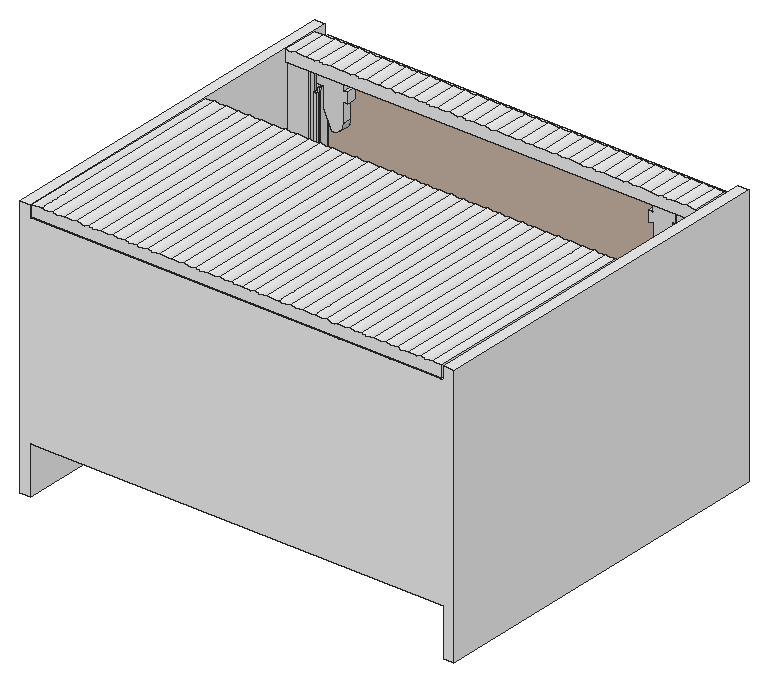
Revit family "Furniture-Wall_Mount-Vanity-KOHLER-Spacity-K-32162T_1", category Casework, host Face, Revit 2021
Family settings
  Host = Face
  OmniClass Number = 23.21.19.15.33
  OmniClass Title = Residential Specialty Casework
  Cut with Voids When Loaded = No
  Shared = No
  Room Calculation Point = No
Parameters (values of type "PPW-White")
  Width = 28 25/32"  # constant formula
  WaterSense Certified = 1 = 0  # no
  URL = "http://www.kohler.com.cn/"
  Type = 1
  Secondary Finish = KOHLER-Melamine-MRL
  Product Page URL = ""
  Product Name = "Spacity"  # constant formula
  Product Documentation Link = ""
  Model = if(Type = 1, "K-32162T-PPW", if(Type = 2, "K-32162T-PPG", "NA"))  # "K-32162T-PPW"
  Material = "Solid Wood Construction"  # constant formula
  Master Format 2014 Name = "Bathroom Casework"  # constant formula
  Master Format 2014 = "12 35 30.23"  # constant formula
  Manufacturer Address = "Kohler Beijing Office (100016) 36-2-03-B, No. 88, Liuxiang Road, Beijing"  # constant formula
  Manufacturer = "Kohler Co."  # constant formula
  Product Finish = KOHLER-Wood-PPW-White
  Height = 24 155/256"  # constant formula
  Hardware Included = 1 = 0  # no
  Finish = if(Type = 1, "PPW-White", if(Type = 2, "PPG-Black", "NA"))  # "PPW-White"
  Environmental Product Declaration = ""
  Description = "750MM 30 Inch Bathroom Vanity with Open Drawer And Power Socket"  # constant formula
  Depth = 17 113/256"  # constant formula
  Default Elevation = 35"
  Declare Label = ""
  Date Modified = "10/06/2022"  # constant formula
  Date Created = "10/06/2022"  # constant formula
  Copyright = "Copyright Kohler Co."  # constant formula
  Contact Us = "http://www.kohler.com.cn/contact/contact-us/"
  Construction Type = "Wall Mount"  # constant formula
  Assembly Code = "E2010.30"
  ADA Compliant = 1 = 0  # no
Reference planes (in)
  plane 1 "Center (Front/Back)": y = 0
  plane 2: z = 0
  plane 3 "Center (Left/Right)": x = 0
  plane 4: y = 12.30315
  plane 5: y = -12.30232
  plane 6: x = -14.38976
  plane 7: x = 14.39149
  plane 8: z = 17.44141
  plane 9: z = 17.3622
  plane 10: z = 16.65354
  plane 11: x = 13.6811
  plane 12: x = -13.6811
  plane 13: y = 11.12205
  plane 14: y = 8.75984
  plane 15: y = 2.06693
  plane 16: y = -12.22441
Dimensions and locks (in)
  "Width": plane 6 to plane 7
  "Height": plane 4 to plane 5
  "Depth": plane 8 to level
  plane 13 to plane 14 = 2.3622"
  plane 15 to plane 14 = 6.69291"
  plane 15 to plane 16 = 14.29134"
  aligned and locked: plane 2 to host face
  aligned and locked: level to host face
Automatic sketch dimensions
  host sketch curve to host sketch curve = 96"  (x2)
Nested families (in)
  nested 1: "K-32162T" at (0, 0, 0), type "K-32162T"
Definition of nested family "K-32162T"
  Parameters
    Secondary Finish = none
    Material = none
    Default Elevation = 0"
  Reference planes (in)
    plane 1 "Center (Front/Back)": y = 0
    plane 2: z = 0
    plane 3 "Center (Left/Right)": x = 0
    plane 4: z = 17.44006
    plane 5: y = 12.30315
    plane 6: y = -12.30315
    plane 7: x = -14.38976
    plane 8: x = 14.38976
    plane 9: x = 13.6811
    plane 10: x = -13.6811
    plane 11: y = 11.12205
    plane 12: y = 8.75984
    plane 13: y = 2.06693
    plane 14: y = -12.22441
  Forms (in)
    Extrusion 1, solid, material <- "Material", detail levels medium+fine
      sketch origin (-5.98425, 0, 0) x (1, 0, 0) y (0, 1, 0)
        loop
          line (-8.40551, 12.1063) -> (-8.40551, -12.30315) -> (-7.69685, -12.30315) -> (-7.69685, 12.1063) -> (-8.40551, 12.1063)
      from 0 to 17.3622
    Extrusion 2, solid, material <- "Material", detail levels medium+fine
      sketch origin (5.98425, 0, 0) x (-1, 0, 0) y (0, -1, 0)
        loop
          line (-8.40551, -12.1063) -> (-7.69685, -12.1063) -> (-7.69685, 12.30315) -> (-8.40551, 12.30315) -> (-8.40551, -12.1063)
      from 0 to 17.3622
    Extrusion 3, solid, material <- "Material", detail levels medium+fine
      sketch origin (0, 0, 0) x (1, 0, 0) y (0, 0, 1)
        loop
          line (-13.6811, 16.65354) -> (-13.6811, 0) -> (-13.44488, 0) -> (-13.44488, 16.22047) -> (-13.24803, 16.41732) -> (13.24803, 16.41732) -> (13.44488, 16.22047) -> (13.44488, 0) -> (13.6811, 0) -> (13.6811, 16.65354) -> (-13.6811, 16.65354)
      from -12.30315 to -10.9252
    Extrusion 4, solid, material <- "Material", detail levels medium+fine
      sketch origin (0, 0, 0) x (1, 0, 0) y (0, 1, 0)
        loop
          line (13.6811, 10.90551) -> (-13.6811, 10.90551) -> (-13.6811, 6.49606) -> (13.6811, 6.49606) -> (13.6811, 10.90551)
      from 0 to 0.70866
    Extrusion 5, solid, material <- "Material", detail levels medium+fine
      sketch origin (0, 0, 0) x (1, 0, 0) y (0, 1, 0)
        loop
          line (-13.6811, -7.8937) -> (-13.6811, -12.30315) -> (13.6811, -12.30315) -> (13.6811, -7.8937) -> (-13.6811, -7.8937)
      from 3.14961 to 3.85827
    Extrusion 6, solid, material <- "Secondary Finish", detail levels medium+fine
      sketch origin (0, 0, 0) x (1, 0, 0) y (0, 0, 1)
        loop
          line (12.85433, 5.86614) -> (-12.85433, 5.86614) -> (-12.85433, 16.65354) -> (-13.48425, 16.65354) -> (-13.48425, 5.23622) -> (13.48425, 5.23622) -> (13.48425, 16.65354) -> (12.85433, 16.65354) -> (12.85433, 5.86614)
      from 2.81496 to 10.17717
    Extrusion 7, solid, material <- "Secondary Finish", detail levels medium+fine
      sketch origin (-7.69685, 8.36614, 7.20472) x (0, -1, 0) y (1, 0, 0)
        loop
          line (6.88976, -5.98425) -> (7.51969, -5.98425) -> (7.51969, 21.37795) -> (6.88976, 21.37795) -> (6.88976, -5.98425)
      from 0 to 9.37008
    Extrusion 8, solid, material <- "Secondary Finish", detail levels medium+fine
      sketch origin (-7.69685, -0.09843, 6.5748) x (1, 0, 0) y (0, 1, 0)
        loop
          line (21.37795, 0) -> (21.37795, 8.46457) -> (-5.98425, 8.46457) -> (-5.98425, 0) -> (21.37795, 0)
      from 0 to 0.62992
    Extrusion 9, solid, material <- "Material", detail levels medium+fine
      sketch origin (-7.69685, -11.59449, 16.5748) x (0, -1, 0) y (1, 0, 0)
        loop
          line (0.70866, -5.98425) -> (0.70866, 21.37795) -> (0, 21.37795) -> (0, -5.98425) -> (0.70866, -5.98425)
      from 0 to -12.71654
    Extrusion 10, solid, material <- "Material", detail levels medium+fine
      sketch origin (0, -12.22441, -0.11811) x (-1, 0, 0) y (0, 0, -1)
        loop
          arc (-13.60236, -17.51539) -> (-13.29459, -17.50045) -> (-12.99188, -17.55803) r 1.30611
          arc (-12.99188, -17.55803) -> (-12.59818, -17.49785) -> (-12.20448, -17.55803) r 1.31791
          arc (-12.20448, -17.55803) -> (-11.81031, -17.49728) -> (-11.41619, -17.55831) r 1.30611
          arc (-11.41619, -17.55831) -> (-11.02184, -17.49785) -> (-10.62746, -17.55816) r 1.31791
          arc (-10.62746, -17.55816) -> (-10.23346, -17.49728) -> (-9.83944, -17.55809) r 1.30611
          arc (-9.83944, -17.55809) -> (-9.44534, -17.49785) -> (-9.05127, -17.55821) r 1.31791
          arc (-9.05127, -17.55821) -> (-8.65704, -17.49728) -> (-8.26281, -17.55818) r 1.30611
          arc (-8.26281, -17.55818) -> (-7.8687, -17.49785) -> (-7.47458, -17.55813) r 1.31791
          arc (-7.47458, -17.55813) -> (-7.08042, -17.49728) -> (-6.68628, -17.55821) r 1.30611
          arc (-6.68628, -17.55821) -> (-6.30118, -17.49117) -> (-5.91608, -17.55821) r 1.13958
          arc (-5.91608, -17.55821) -> (-5.52194, -17.49728) -> (-5.12778, -17.55813) r 1.30611
          arc (-5.12778, -17.55813) -> (-4.73366, -17.49785) -> (-4.33954, -17.55818) r 1.31791
          arc (-4.33954, -17.55818) -> (-3.94532, -17.49728) -> (-3.55109, -17.55821) r 1.30611
          arc (-3.55109, -17.55821) -> (-3.14941, -17.49078) -> (-2.74774, -17.55821) r 1.2302
          arc (-2.74774, -17.55821) -> (-2.35351, -17.49728) -> (-1.95928, -17.55818) r 1.30611
          arc (-1.95928, -17.55818) -> (-1.56517, -17.49785) -> (-1.17105, -17.55813) r 1.31791
          arc (-1.17105, -17.55813) -> (-0.77689, -17.49728) -> (-0.38275, -17.55821) r 1.30611
          arc (-0.38275, -17.55821) -> (0.00118, -17.49117) -> (0.38524, -17.55742) r 1.13958
          arc (0.38524, -17.55742) -> (0.7782, -17.49728) -> (1.17105, -17.55813) r 1.30611
          arc (1.17105, -17.55813) -> (1.56517, -17.49785) -> (1.95928, -17.55818) r 1.31791
          arc (1.95928, -17.55818) -> (2.35351, -17.49728) -> (2.74774, -17.55821) r 1.30611
          arc (2.74774, -17.55821) -> (3.14941, -17.49078) -> (3.55109, -17.55821) r 1.2302
          arc (3.55109, -17.55821) -> (3.94532, -17.49728) -> (4.33954, -17.55818) r 1.30611
          arc (4.33954, -17.55818) -> (4.73366, -17.49785) -> (5.12778, -17.55813) r 1.31791
          arc (5.12778, -17.55813) -> (5.52194, -17.49728) -> (5.91608, -17.55821) r 1.30611
          arc (5.91608, -17.55821) -> (6.30118, -17.49117) -> (6.68628, -17.55821) r 1.13958
          arc (6.68628, -17.55821) -> (7.08042, -17.49728) -> (7.47458, -17.55813) r 1.30611
          arc (7.47458, -17.55813) -> (7.8687, -17.49785) -> (8.26281, -17.55818) r 1.31791
          arc (8.26281, -17.55818) -> (8.65704, -17.49728) -> (9.05127, -17.55821) r 1.30611
          arc (9.05127, -17.55821) -> (9.44534, -17.49785) -> (9.83944, -17.55809) r 1.31791
          arc (9.83944, -17.55809) -> (10.23346, -17.49728) -> (10.62746, -17.55816) r 1.30611
          arc (10.62746, -17.55816) -> (11.02184, -17.49785) -> (11.41619, -17.55831) r 1.31791
          arc (11.41619, -17.55831) -> (11.81031, -17.49728) -> (12.20448, -17.55803) r 1.30611
          arc (12.20448, -17.55803) -> (12.59818, -17.49785) -> (12.99188, -17.55803) r 1.31791
          arc (12.99188, -17.55803) -> (13.29459, -17.50045) -> (13.60236, -17.51539) r 1.30611
          line (13.60236, -17.51539) -> (13.60236, -16.77165) -> (-13.60236, -16.77165) -> (-13.60236, -17.51539)
      from -14.29134 to 0.07874
    Extrusion 11, solid, material <- "Material", detail levels medium+fine
      sketch origin (0.27559, 8.05118, -0.11811) x (-1, 0, 0) y (0, 0, -1)
        loop
          arc (-13.32677, -17.51539) -> (-13.019, -17.50045) -> (-12.71629, -17.55803) r 1.30611
          arc (-12.71629, -17.55803) -> (-12.32259, -17.49785) -> (-11.92889, -17.55803) r 1.31791
          arc (-11.92889, -17.55803) -> (-11.53472, -17.49728) -> (-11.1406, -17.55831) r 1.30611
          arc (-11.1406, -17.55831) -> (-10.74625, -17.49785) -> (-10.35187, -17.55816) r 1.31791
          arc (-10.35187, -17.55816) -> (-9.95787, -17.49728) -> (-9.56385, -17.55809) r 1.30611
          arc (-9.56385, -17.55809) -> (-9.16975, -17.49785) -> (-8.77568, -17.55821) r 1.31791
          arc (-8.77568, -17.55821) -> (-8.38145, -17.49728) -> (-7.98722, -17.55818) r 1.30611
          arc (-7.98722, -17.55818) -> (-7.59311, -17.49785) -> (-7.19899, -17.55813) r 1.31791
          arc (-7.19899, -17.55813) -> (-6.80483, -17.49728) -> (-6.41069, -17.55821) r 1.30611
          arc (-6.41069, -17.55821) -> (-6.02559, -17.49117) -> (-5.64049, -17.55821) r 1.13958
          arc (-5.64049, -17.55821) -> (-5.24635, -17.49728) -> (-4.85219, -17.55813) r 1.30611
          arc (-4.85219, -17.55813) -> (-4.45807, -17.49785) -> (-4.06395, -17.55818) r 1.31791
          arc (-4.06395, -17.55818) -> (-3.66972, -17.49728) -> (-3.2755, -17.55821) r 1.30611
          arc (-3.2755, -17.55821) -> (-2.87382, -17.49078) -> (-2.47215, -17.55821) r 1.2302
          arc (-2.47215, -17.55821) -> (-2.07792, -17.49728) -> (-1.68369, -17.55818) r 1.30611
          arc (-1.68369, -17.55818) -> (-1.28958, -17.49785) -> (-0.89546, -17.55813) r 1.31791
          arc (-0.89546, -17.55813) -> (-0.5013, -17.49728) -> (-0.10716, -17.55821) r 1.30611
          arc (-0.10716, -17.55821) -> (0.27677, -17.49117) -> (0.66084, -17.55742) r 1.13958
          arc (0.66084, -17.55742) -> (1.05379, -17.49728) -> (1.44664, -17.55813) r 1.30611
          arc (1.44664, -17.55813) -> (1.84076, -17.49785) -> (2.23487, -17.55818) r 1.31791
          arc (2.23487, -17.55818) -> (2.6291, -17.49728) -> (3.02333, -17.55821) r 1.30611
          arc (3.02333, -17.55821) -> (3.425, -17.49078) -> (3.82668, -17.55821) r 1.2302
          arc (3.82668, -17.55821) -> (4.22091, -17.49728) -> (4.61513, -17.55818) r 1.30611
          arc (4.61513, -17.55818) -> (5.00925, -17.49785) -> (5.40337, -17.55813) r 1.31791
          arc (5.40337, -17.55813) -> (5.79753, -17.49728) -> (6.19167, -17.55821) r 1.30611
          arc (6.19167, -17.55821) -> (6.57677, -17.49117) -> (6.96187, -17.55821) r 1.13958
          arc (6.96187, -17.55821) -> (7.35601, -17.49728) -> (7.75017, -17.55813) r 1.30611
          arc (7.75017, -17.55813) -> (8.14429, -17.49785) -> (8.5384, -17.55818) r 1.31791
          arc (8.5384, -17.55818) -> (8.93263, -17.49728) -> (9.32686, -17.55821) r 1.30611
          arc (9.32686, -17.55821) -> (9.72094, -17.49785) -> (10.11503, -17.55809) r 1.31791
          arc (10.11503, -17.55809) -> (10.50905, -17.49728) -> (10.90305, -17.55816) r 1.30611
          arc (10.90305, -17.55816) -> (11.29743, -17.49785) -> (11.69178, -17.55831) r 1.31791
          arc (11.69178, -17.55831) -> (12.0859, -17.49728) -> (12.48007, -17.55803) r 1.30611
          arc (12.48007, -17.55803) -> (12.87377, -17.49785) -> (13.26747, -17.55803) r 1.31791
          arc (13.26747, -17.55803) -> (13.57018, -17.50045) -> (13.87795, -17.51539) r 1.30611
          line (13.87795, -17.51539) -> (13.87795, -16.77165) -> (-13.32677, -16.77165) -> (-13.32677, -17.51539)
      from -3.07087 to -0.70866
    Extrusion 12, solid, material <- "Secondary Finish", detail levels medium+fine
      sketch origin (7.5, 10.5315, 7.20472) x (-1, 0, 0) y (0, 0, 1)
        loop
          line (-5.98425, 0) -> (20.98425, 0) -> (20.98425, 9.44882) -> (-5.98425, 9.44882) -> (-5.98425, 0)
      from 0 to -0.62992
    Extrusion 13, solid, detail levels medium+fine
      sketch origin (0, 10.79528, 7.08661) x (1, 0, 0) y (0, 0, -1)
        loop
          line (-1.22047, -0.98425) -> (1.22047, -0.98425)
          arc (1.22047, -0.98425) -> (1.27615, -0.96119) -> (1.29921, -0.90551) r 0.07874
          line (1.29921, -0.90551) -> (1.29921, 0.31496)
          arc (1.29921, 0.31496) -> (1.27615, 0.37064) -> (1.22047, 0.3937) r 0.07874
          line (1.22047, 0.3937) -> (-1.22047, 0.3937)
          arc (-1.22047, 0.3937) -> (-1.27615, 0.37064) -> (-1.29921, 0.31496) r 0.07874
          line (-1.29921, 0.31496) -> (-1.29921, -0.90551)
          arc (-1.29921, -0.90551) -> (-1.27615, -0.96119) -> (-1.22047, -0.98425) r 0.07874
        loop
          arc (0.26395, -0.42241) -> (0.24821, -0.41086) -> (0.22884, -0.41332) r 0.02635
          arc (0.22884, -0.41332) -> (0.11818, -0.45742) -> (0, -0.47244) r 0.47244
          line (0, -0.47244) -> (-0.09843, -0.47244)
          arc (-0.09843, -0.47244) -> (-0.11234, -0.47821) -> (-0.11811, -0.49213) r 0.01969
          line (-0.11811, -0.49213) -> (-0.11811, -0.86614)
          arc (-0.11811, -0.86614) -> (-0.11234, -0.88006) -> (-0.09843, -0.88583) r 0.01969
          line (-0.09843, -0.88583) -> (0, -0.88583)
          arc (0, -0.88583) -> (0.23447, -0.85423) -> (0.45222, -0.7617) r 0.88583
          arc (0.45222, -0.7617) -> (0.4613, -0.74942) -> (0.45887, -0.73434) r 0.01969
          line (0.45887, -0.73434) -> (0.26395, -0.42241)
      from 0 to -0.26378
    Extrusion 14, solid, detail levels medium+fine
      sketch origin (0, 9.90157, 8.07087) x (0, 0, -1) y (1, 0, 0)
        loop
          line (0.86614, -1.29921) -> (1.29921, -1.29921)
          arc (1.29921, -1.29921) -> (1.35489, -1.27615) -> (1.37795, -1.22047) r 0.07874
          line (1.37795, -1.22047) -> (1.37795, 1.22047)
          arc (1.37795, 1.22047) -> (1.35489, 1.27615) -> (1.29921, 1.29921) r 0.07874
          line (1.29921, 1.29921) -> (0.86614, 1.29921) -> (0.86614, -1.29921)
      from -0.62992 to 0
    Extrusion 15, solid, detail levels medium+fine
      sketch origin (12.26378, 9.5, 6.75197) x (0, -1, 0) y (1, 0, 0)
        loop
          arc (-0.40157, -0.51575) -> (-0.38428, -0.55751) -> (-0.34252, -0.5748) r 0.05906
          line (-0.34252, -0.5748) -> (0.22441, -0.5748)
          arc (0.22441, -0.5748) -> (0.26617, -0.55751) -> (0.28346, -0.51575) r 0.05906
          line (0.28346, -0.51575) -> (0.28346, -0.41339) -> (0.24409, -0.41339) -> (0.24409, -0.53543) -> (-0.3622, -0.53543) -> (-0.3622, 0.53543) -> (0.08661, 0.53543) -> (0.08661, 0.5748) -> (-0.34252, 0.5748)
          arc (-0.34252, 0.5748) -> (-0.38428, 0.55751) -> (-0.40157, 0.51575) r 0.05906
          line (-0.40157, 0.51575) -> (-0.40157, -0.51575)
      from 0 to 8.75984
    Extrusion 16, solid, material <- "Secondary Finish", detail levels medium+fine
      sketch origin (6.87008, -8.44488, 5.23622) x (-1, 0, 0) y (0, 0, 1)
        loop
          line (19.72441, 0) -> (19.72441, 11.41732) -> (-5.98425, 11.41732) -> (-5.98425, 0) -> (19.72441, 0)
      from -1.25984 to -0.62992
    Extrusion 17, solid, detail levels medium+fine
      sketch origin (0, 0, 0) x (1, 0, 0) y (0, 0, 1)
        loop
          arc (0.91606, 8.82647) -> (0.96575, 8.87005) -> (0.98425, 8.93351) r 0.11811
          line (0.98425, 8.93351) -> (0.98425, 9.13386)
          arc (0.98425, 9.13386) -> (0.94966, 9.21737) -> (0.86614, 9.25197) r 0.11811
          line (0.86614, 9.25197) -> (0.11811, 9.25197)
          arc (0.11811, 9.25197) -> (0.03459, 9.21737) -> (0, 9.13386) r 0.11811
          line (0, 9.13386) -> (0, 8.07087) -> (0.29528, 8.07087) -> (0.29528, 8.47429) -> (0.3521, 8.56349) -> (0.91606, 8.82647)
      from -10.77559 to -10.57087
    Extrusion 18, solid, detail levels medium+fine
      sketch origin (-0.98425, 11.00394, 15.03937) x (-1, 0, 0) y (0, 0, 1)
        loop
          line (-1.07123, 0.13238) -> (-1.56425, 0.98632)
          arc (-1.56425, 0.98632) -> (-1.57212, 1.00531) -> (-1.5748, 1.02569) r 0.07874
          line (-1.5748, 1.02569) -> (-1.5748, 1.1811) -> (-0.88583, 1.1811) -> (-0.88583, 0.82677) -> (-0.98425, 0.82677)
          arc (-0.98425, 0.82677) -> (-0.99817, 0.82101) -> (-1.00394, 0.80709) r 0.01969
          line (-1.00394, 0.80709) -> (-1.00394, 0.65102)
          arc (-1.00394, 0.65102) -> (-1.00125, 0.63064) -> (-0.99339, 0.61165) r 0.07874
          line (-0.99339, 0.61165) -> (-0.66298, 0.03937)
          arc (-0.66298, 0.03937) -> (-0.63416, 0.01055) -> (-0.59479, 0) r 0.07874
          line (-0.59479, 0) -> (-0.07874, 0)
          arc (-0.07874, 0) -> (-0.02306, 0.02306) -> (0, 0.07874) r 0.07874
          line (0, 0.07874) -> (0, 1.29921) -> (-1.9685, 1.29921) -> (-1.9685, 0.07874)
          arc (-1.9685, 0.07874) -> (-1.94544, 0.02306) -> (-1.88976, 0) r 0.07874
          line (-1.88976, 0) -> (-1.14766, 0)
          arc (-1.14766, 0) -> (-1.07123, 0.04413) -> (-1.07123, 0.13238) r 0.08825
      from 0 to -0.07874
    Extrusion 19, solid, detail levels medium+fine
      sketch origin (0.98425, 10.9252, 16.33858) x (0, 1, 0) y (-1, 0, 0)
        loop
          arc (0.70866, 0) -> (0.76434, 0.02306) -> (0.7874, 0.07874) r 0.07874
          line (0.7874, 0.07874) -> (0.7874, 1.88976)
          arc (0.7874, 1.88976) -> (0.76434, 1.94544) -> (0.70866, 1.9685) r 0.07874
          line (0.70866, 1.9685) -> (0, 1.9685) -> (0, 0) -> (0.70866, 0)
        loop
          line (0.47441, 0.45276) -> (0.47441, 0.64961)
          arc (0.47441, 0.64961) -> (0.45077, 0.70668) -> (0.3937, 0.73031) r 0.08071
          arc (0.3937, 0.73031) -> (0.33663, 0.70668) -> (0.31299, 0.64961) r 0.08071
          line (0.31299, 0.64961) -> (0.31299, 0.45276)
          arc (0.31299, 0.45276) -> (0.33663, 0.39569) -> (0.3937, 0.37205) r 0.08071
          arc (0.3937, 0.37205) -> (0.45077, 0.39569) -> (0.47441, 0.45276) r 0.08071
        loop
          line (0.47441, 1.3189) -> (0.47441, 1.51575)
          arc (0.47441, 1.51575) -> (0.45077, 1.57282) -> (0.3937, 1.59646) r 0.08071
          arc (0.3937, 1.59646) -> (0.33663, 1.57282) -> (0.31299, 1.51575) r 0.08071
          line (0.31299, 1.51575) -> (0.31299, 1.3189)
          arc (0.31299, 1.3189) -> (0.33663, 1.26183) -> (0.3937, 1.23819) r 0.08071
          arc (0.3937, 1.23819) -> (0.45077, 1.26183) -> (0.47441, 1.3189) r 0.08071
      from 0 to 0.07874
    Extrusion 20, solid, detail levels medium+fine
      sketch origin (12.98425, 9.72244, 7.73622) x (0, -1, 0) y (1, 0, 0)
        loop
          line (-1.04331, 0.69685) -> (-1.04331, 0.58661) -> (0.31102, 0.58661) -> (0.31102, -0.77165)
          arc (0.31102, -0.77165) -> (0.33178, -0.82176) -> (0.38189, -0.84252) r 0.07087
          line (0.38189, -0.84252) -> (0.77559, -0.84252)
          arc (0.77559, -0.84252) -> (0.8257, -0.82176) -> (0.84646, -0.77165) r 0.07087
          line (0.84646, -0.77165) -> (0.84646, 0.56693)
          arc (0.84646, 0.56693) -> (0.8084, 0.6588) -> (0.71654, 0.69685) r 0.12992
          line (0.71654, 0.69685) -> (-1.04331, 0.69685)
      from 0 to 8.91732
    Extrusion 21, solid, detail levels medium+fine
      sketch origin (12.27559, 9.5689, 15.33465) x (1, 0, 0) y (0, 1, 0)
        loop
          line (-0.37402, 0.00176) -> (-0.37402, -0.5689) -> (-0.57087, -0.5689) -> (-0.57087, -0.62795) -> (-0.37402, -0.62795)
          arc (-0.37402, -0.62795) -> (-0.33226, -0.61066) -> (-0.31496, -0.5689) r 0.05906
          line (-0.31496, -0.5689) -> (-0.31496, 0.00176) -> (-0.37402, 0.00176)
      from -8.0315 to 0
    Extrusion 22, solid, detail levels medium+fine
      sketch origin (10.59398, 9.40945, 13.7185) x (0, 0, 1) y (-1, 0, 0)
        loop
          line (-0.59576, -0.46993) -> (0.62639, -0.9887) -> (1.91535, -0.9887) -> (1.91535, -2.26823) -> (2.93504, -2.26823) -> (2.93504, 0.33807) -> (2.11811, 0.33807) -> (2.11811, 0.60579) -> (1.43898, 0.60579) -> (1.43898, 0.29083) -> (0.11161, 0.29083)
          arc (0.11161, 0.29083) -> (-0.4078, 0.06454) -> (-0.59576, -0.46993) r 0.70924
      from 0.02756 to -0.63145
    Extrusion 23, solid, detail levels medium+fine
      sketch origin (-12.26378, 9.5, 6.75197) x (0, 1, 0) y (-1, 0, 0)
        loop
          line (0.40157, -0.51575) -> (0.40157, 0.51575)
          arc (0.40157, 0.51575) -> (0.38428, 0.55751) -> (0.34252, 0.5748) r 0.05906
          line (0.34252, 0.5748) -> (-0.08661, 0.5748) -> (-0.08661, 0.53543) -> (0.3622, 0.53543) -> (0.3622, -0.53543) -> (-0.24409, -0.53543) -> (-0.24409, -0.41339) -> (-0.28346, -0.41339) -> (-0.28346, -0.51575)
          arc (-0.28346, -0.51575) -> (-0.26617, -0.55751) -> (-0.22441, -0.5748) r 0.05906
          line (-0.22441, -0.5748) -> (0.34252, -0.5748)
          arc (0.34252, -0.5748) -> (0.38428, -0.55751) -> (0.40157, -0.51575) r 0.05906
      from 0 to 8.75984
    Extrusion 24, solid, detail levels medium+fine
      sketch origin (-9.99213, 9.72244, 7.73622) x (0, 1, 0) y (-1, 0, 0)
        loop
          line (1.04331, 3.68898) -> (-0.71654, 3.68898)
          arc (-0.71654, 3.68898) -> (-0.8084, 3.65092) -> (-0.84646, 3.55906) r 0.12992
          line (-0.84646, 3.55906) -> (-0.84646, 2.22047)
          arc (-0.84646, 2.22047) -> (-0.8257, 2.17036) -> (-0.77559, 2.14961) r 0.07087
          line (-0.77559, 2.14961) -> (-0.38189, 2.14961)
          arc (-0.38189, 2.14961) -> (-0.33178, 2.17036) -> (-0.31102, 2.22047) r 0.07087
          line (-0.31102, 2.22047) -> (-0.31102, 3.57874) -> (1.04331, 3.57874) -> (1.04331, 3.68898)
      from 0 to 8.91732
    Extrusion 25, solid, detail levels medium+fine
      sketch origin (-12.27559, 9.5689, 15.33465) x (-1, 0, 0) y (0, -1, 0)
        loop
          line (-0.37402, -0.00176) -> (-0.31496, -0.00176) -> (-0.31496, 0.5689)
          arc (-0.31496, 0.5689) -> (-0.33226, 0.61066) -> (-0.37402, 0.62795) r 0.05906
          line (-0.37402, 0.62795) -> (-0.57087, 0.62795) -> (-0.57087, 0.5689) -> (-0.37402, 0.5689) -> (-0.37402, -0.00176)
      from -8.0315 to 0
    Extrusion 26, solid, detail levels medium+fine
      sketch origin (-10.59398, 9.40945, 13.7185) x (0, 0, 1) y (-1, 0, 0)
        loop
          arc (-0.59576, 0.46993) -> (-0.4078, -0.06454) -> (0.11161, -0.29083) r 0.70924
          line (0.11161, -0.29083) -> (1.43898, -0.29083) -> (1.43898, -0.60579) -> (2.11811, -0.60579) -> (2.11811, -0.33807) -> (2.93504, -0.33807) -> (2.93504, 2.26823) -> (1.91535, 2.26823) -> (1.91535, 0.9887) -> (0.62639, 0.9887) -> (-0.59576, 0.46993)
      from 0.02756 to -0.63145
    Extrusion 27, solid, material <- "Material", detail levels coarse
      sketch origin (0, 0, 0) x (1, 0, 0) y (0, 0, 1)
        loop
          line (-14.43898, 17.3622) -> (-14.43898, 0) -> (-10.68898, 0) -> (10.68898, 0) -> (14.40822, 0) -> (14.40822, 17.3622) -> (13.6565, 17.3622) -> (13.6565, 0.73327) -> (-13.6565, 0.73327) -> (-13.6565, 17.3622) -> (-14.43898, 17.3622)
      from -12.30315 to 12.30315
    Extrusion 28, solid, material <- "Material", detail levels coarse
      sketch origin (0, 0, 0) x (1, 0, 0) y (0, 1, 0)
        loop
          line (-13.6811, 11.22047) -> (-13.6811, 8.26772) -> (13.6811, 8.26772) -> (13.6811, 11.22047) -> (-13.6811, 11.22047)
        loop
          line (-13.6811, 2.16535) -> (-13.6811, -12.30315) -> (13.6811, -12.30315) -> (13.6811, 2.16535) -> (-13.6811, 2.16535)
      from 3.14961 to 17.44006
    Extrusion 29, solid, detail levels medium+fine
      sketch origin (12.26378, -10.1063, 6.75197) x (0, -1, 0) y (1, 0, 0)
        loop
          arc (-0.40157, -0.51575) -> (-0.38428, -0.55751) -> (-0.34252, -0.5748) r 0.05906
          line (-0.34252, -0.5748) -> (0.22441, -0.5748)
          arc (0.22441, -0.5748) -> (0.26617, -0.55751) -> (0.28346, -0.51575) r 0.05906
          line (0.28346, -0.51575) -> (0.28346, -0.41339) -> (0.24409, -0.41339) -> (0.24409, -0.53543) -> (-0.3622, -0.53543) -> (-0.3622, 0.53543) -> (0.08661, 0.53543) -> (0.08661, 0.5748) -> (-0.34252, 0.5748)
          arc (-0.34252, 0.5748) -> (-0.38428, 0.55751) -> (-0.40157, 0.51575) r 0.05906
          line (-0.40157, 0.51575) -> (-0.40157, -0.51575)
      from -1.9685 to 8.75984
    Extrusion 30, solid, detail levels medium+fine
      sketch origin (12.98425, -9.88386, 7.73622) x (0, -1, 0) y (1, 0, 0)
        loop
          line (-1.04331, 0.69685) -> (-1.04331, 0.58661) -> (0.31102, 0.58661) -> (0.31102, -0.77165)
          arc (0.31102, -0.77165) -> (0.33178, -0.82176) -> (0.38189, -0.84252) r 0.07087
          line (0.38189, -0.84252) -> (0.77559, -0.84252)
          arc (0.77559, -0.84252) -> (0.8257, -0.82176) -> (0.84646, -0.77165) r 0.07087
          line (0.84646, -0.77165) -> (0.84646, 0.56693)
          arc (0.84646, 0.56693) -> (0.8084, 0.6588) -> (0.71654, 0.69685) r 0.12992
          line (0.71654, 0.69685) -> (-1.04331, 0.69685)
      from 0 to 8.91732
    Extrusion 31, solid, detail levels medium+fine
      sketch origin (12.27559, -10.0374, 15.33465) x (1, 0, 0) y (0, 1, 0)
        loop
          line (-0.37402, 0.00176) -> (-0.37402, -0.5689) -> (-0.57087, -0.5689) -> (-0.57087, -0.62795) -> (-0.37402, -0.62795)
          arc (-0.37402, -0.62795) -> (-0.33226, -0.61066) -> (-0.31496, -0.5689) r 0.05906
          line (-0.31496, -0.5689) -> (-0.31496, 0.00176) -> (-0.37402, 0.00176)
      from -9.00871 to 0
    Extrusion 32, solid, detail levels medium+fine
      sketch origin (10.59398, -10.19685, 13.7185) x (0, 0, 1) y (-1, 0, 0)
        loop
          line (-0.59576, -0.46993) -> (0.62639, -0.9887) -> (1.91535, -0.9887) -> (1.91535, -2.26823) -> (2.93504, -2.26823) -> (2.93504, 0.33807) -> (2.11811, 0.33807) -> (2.11811, 0.60579) -> (1.43898, 0.60579) -> (1.43898, 0.29083) -> (0.11161, 0.29083)
          arc (0.11161, 0.29083) -> (-0.4078, 0.06454) -> (-0.59576, -0.46993) r 0.70924
      from -0.00197 to -0.44882
    Extrusion 33, solid, detail levels medium+fine
      sketch origin (-12.26378, -10.1063, 6.75197) x (0, 1, 0) y (-1, 0, 0)
        loop
          line (0.40157, -0.51575) -> (0.40157, 0.51575)
          arc (0.40157, 0.51575) -> (0.38428, 0.55751) -> (0.34252, 0.5748) r 0.05906
          line (0.34252, 0.5748) -> (-0.08661, 0.5748) -> (-0.08661, 0.53543) -> (0.3622, 0.53543) -> (0.3622, -0.53543) -> (-0.24409, -0.53543) -> (-0.24409, -0.41339) -> (-0.28346, -0.41339) -> (-0.28346, -0.51575)
          arc (-0.28346, -0.51575) -> (-0.26617, -0.55751) -> (-0.22441, -0.5748) r 0.05906
          line (-0.22441, -0.5748) -> (0.34252, -0.5748)
          arc (0.34252, -0.5748) -> (0.38428, -0.55751) -> (0.40157, -0.51575) r 0.05906
      from -1.9685 to 8.75984
    Extrusion 34, solid, detail levels medium+fine
      sketch origin (-12.98425, -9.88386, 7.73622) x (0, 1, 0) y (-1, 0, 0)
        loop
          line (1.04331, 0.69685) -> (-0.71654, 0.69685)
          arc (-0.71654, 0.69685) -> (-0.8084, 0.6588) -> (-0.84646, 0.56693) r 0.12992
          line (-0.84646, 0.56693) -> (-0.84646, -0.77165)
          arc (-0.84646, -0.77165) -> (-0.8257, -0.82176) -> (-0.77559, -0.84252) r 0.07087
          line (-0.77559, -0.84252) -> (-0.38189, -0.84252)
          arc (-0.38189, -0.84252) -> (-0.33178, -0.82176) -> (-0.31102, -0.77165) r 0.07087
          line (-0.31102, -0.77165) -> (-0.31102, 0.58661) -> (1.04331, 0.58661) -> (1.04331, 0.69685)
      from 0 to 8.91732
    Extrusion 35, solid, detail levels medium+fine
      sketch origin (-12.27559, -10.0374, 15.33465) x (-1, 0, 0) y (0, -1, 0)
        loop
          line (-0.37402, -0.00176) -> (-0.31496, -0.00176) -> (-0.31496, 0.5689)
          arc (-0.31496, 0.5689) -> (-0.33226, 0.61066) -> (-0.37402, 0.62795) r 0.05906
          line (-0.37402, 0.62795) -> (-0.57087, 0.62795) -> (-0.57087, 0.5689) -> (-0.37402, 0.5689) -> (-0.37402, -0.00176)
      from -9.00871 to 0
    Extrusion 36, solid, detail levels medium+fine
      sketch origin (-10.59398, -10.19685, 13.7185) x (0, 0, 1) y (-1, 0, 0)
        loop
          arc (-0.59576, 0.46993) -> (-0.4078, -0.06454) -> (0.11161, -0.29083) r 0.70924
          line (0.11161, -0.29083) -> (1.43898, -0.29083) -> (1.43898, -0.60579) -> (2.11811, -0.60579) -> (2.11811, -0.33807) -> (2.93504, -0.33807) -> (2.93504, 2.26823) -> (1.91535, 2.26823) -> (1.91535, 0.9887) -> (0.62639, 0.9887) -> (-0.59576, 0.46993)
      from -0.00197 to -0.44882
  Cuts and joins
    joined: Extrusion 27, Extrusion 28
    joined: Extrusion 10, Extrusion 11
    joined: Extrusion 1, Extrusion 2, Extrusion 3, Extrusion 4, Extrusion 5, Extrusion 9
    joined: Extrusion 13, Extrusion 14, Extrusion 17, Extrusion 18, Extrusion 19
    joined: Extrusion 6, Extrusion 7, Extrusion 8, Extrusion 12, Extrusion 16
    joined: Extrusion 15, Extrusion 20, Extrusion 21, Extrusion 22, Extrusion 23, Extrusion 24, Extrusion 25, Extrusion 26
    joined: Extrusion 29, Extrusion 30, Extrusion 31, Extrusion 32, Extrusion 33, Extrusion 34, Extrusion 35, Extrusion 36
  Lines and regions (in)
    Masking region 1
      outline origin (0, 0, 0) x (1, 0, 0) y (0, 1, 0)
        loop
          line (-13.6811, 12.30315) -> (-13.6811, 12.1063) -> (-14.38976, 12.1063) -> (-14.38976, -12.30315) -> (14.38976, -12.30315) -> (14.38976, 12.1063) -> (13.6811, 12.1063) -> (13.6811, 12.30315) -> (-13.6811, 12.30315)
    Masking region 2
      outline origin (0, 0, 0) x (1, 0, 0) y (0, 0, 1)
        loop
          line (13.6811, 17.3622) -> (13.6811, 16.65354) -> (13.60236, 16.65354) -> (13.60236, 17.39728)
          arc (13.60236, 17.39728) -> (13.29459, 17.38234) -> (12.99188, 17.43992) r 1.30611
          arc (12.99188, 17.43992) -> (12.59818, 17.37974) -> (12.20448, 17.43992) r 1.31791
          arc (12.20448, 17.43992) -> (11.81031, 17.37917) -> (11.41619, 17.4402) r 1.30611
          arc (11.41619, 17.4402) -> (11.02184, 17.37974) -> (10.62746, 17.44005) r 1.31791
          arc (10.62746, 17.44005) -> (10.23346, 17.37917) -> (9.83944, 17.43998) r 1.30611
          arc (9.83944, 17.43998) -> (9.44534, 17.37974) -> (9.05127, 17.4401) r 1.31791
          arc (9.05127, 17.4401) -> (8.65704, 17.37917) -> (8.26281, 17.44007) r 1.30611
          arc (8.26281, 17.44007) -> (7.8687, 17.37974) -> (7.47458, 17.44002) r 1.31791
          arc (7.47458, 17.44002) -> (7.08042, 17.37917) -> (6.68628, 17.4401) r 1.30611
          arc (6.68628, 17.4401) -> (6.30118, 17.37306) -> (5.91608, 17.4401) r 1.13958
          arc (5.91608, 17.4401) -> (5.52194, 17.37917) -> (5.12778, 17.44002) r 1.30611
          arc (5.12778, 17.44002) -> (4.73366, 17.37974) -> (4.33954, 17.44007) r 1.31791
          arc (4.33954, 17.44007) -> (3.94532, 17.37917) -> (3.55109, 17.4401) r 1.30611
          arc (3.55109, 17.4401) -> (3.14941, 17.37267) -> (2.74774, 17.4401) r 1.2302
          arc (2.74774, 17.4401) -> (2.35351, 17.37917) -> (1.95928, 17.44007) r 1.30611
          arc (1.95928, 17.44007) -> (1.56517, 17.37974) -> (1.17105, 17.44002) r 1.31791
          arc (1.17105, 17.44002) -> (0.77689, 17.37917) -> (0.38275, 17.4401) r 1.30611
          arc (0.38275, 17.4401) -> (-0.00118, 17.37306) -> (-0.38524, 17.43931) r 1.13958
          arc (-0.38524, 17.43931) -> (-0.7782, 17.37917) -> (-1.17105, 17.44002) r 1.30611
          arc (-1.17105, 17.44002) -> (-1.56517, 17.37974) -> (-1.95928, 17.44007) r 1.31791
          arc (-1.95928, 17.44007) -> (-2.35351, 17.37917) -> (-2.74774, 17.4401) r 1.30611
          arc (-2.74774, 17.4401) -> (-3.14941, 17.37267) -> (-3.55109, 17.4401) r 1.2302
          arc (-3.55109, 17.4401) -> (-3.94532, 17.37917) -> (-4.33954, 17.44007) r 1.30611
          arc (-4.33954, 17.44007) -> (-4.73366, 17.37974) -> (-5.12778, 17.44002) r 1.31791
          arc (-5.12778, 17.44002) -> (-5.52194, 17.37917) -> (-5.91608, 17.4401) r 1.30611
          arc (-5.91608, 17.4401) -> (-6.30118, 17.37306) -> (-6.68628, 17.4401) r 1.13958
          arc (-6.68628, 17.4401) -> (-7.08042, 17.37917) -> (-7.47458, 17.44002) r 1.30611
          arc (-7.47458, 17.44002) -> (-7.8687, 17.37974) -> (-8.26281, 17.44007) r 1.31791
          arc (-8.26281, 17.44007) -> (-8.65704, 17.37917) -> (-9.05127, 17.4401) r 1.30611
          arc (-9.05127, 17.4401) -> (-9.44534, 17.37974) -> (-9.83944, 17.43998) r 1.31791
          arc (-9.83944, 17.43998) -> (-10.23346, 17.37917) -> (-10.62746, 17.44005) r 1.30611
          arc (-10.62746, 17.44005) -> (-11.02184, 17.37974) -> (-11.41619, 17.4402) r 1.31791
          arc (-11.41619, 17.4402) -> (-11.81031, 17.37917) -> (-12.20448, 17.43992) r 1.30611
          arc (-12.20448, 17.43992) -> (-12.59818, 17.37974) -> (-12.99188, 17.43992) r 1.31791
          arc (-12.99188, 17.43992) -> (-13.29459, 17.38234) -> (-13.60236, 17.39728) r 1.30611
          line (-13.60236, 17.39728) -> (-13.60236, 16.65354) -> (-13.6811, 16.65354) -> (-13.6811, 17.3622) -> (-14.38976, 17.3622) -> (-14.38976, 0) -> (14.38976, 0) -> (14.38976, 17.3622) -> (13.6811, 17.3622)
        loop
          line (13.44488, 0.70866) -> (13.44488, 3.14961) -> (-13.44488, 3.14961) -> (-13.44488, 0.70866) -> (13.44488, 0.70866)
    Masking region 3
      outline origin (0, 0, 0) x (0, 1, 0) y (0, 0, 1)
        loop
          line (11.12205, 17.44006) -> (8.75984, 17.44006) -> (8.75984, 17.3622) -> (2.06693, 17.3622) -> (2.06693, 17.44006) -> (-12.22441, 17.44006) -> (-12.22441, 17.3622) -> (-12.30315, 17.3622) -> (-12.30315, 0) -> (12.30315, 0) -> (12.30315, 16.65354) -> (12.1063, 16.65354) -> (12.1063, 17.3622) -> (11.12205, 17.3622) -> (11.12205, 17.44006)
    symbolic lines, detail levels medium+fine
      curve 1: line (13.60236, 11.12205, 0) -> (-13.60236, 11.12205, 0)
      curve 2: line (13.60236, 8.75984, 0) -> (-13.60236, 8.75984, 0)
      curve 3: line (-13.60236, 11.12205, 0) -> (-13.60236, 8.75984, 0)
      curve 4: line (13.60236, 8.75984, 0) -> (13.60236, 11.12205, 0)
      curve 5: line (-13.6811, -12.30315, 0) -> (-13.6811, 12.1063, 0)
      curve 6: line (13.6811, 12.1063, 0) -> (13.6811, -12.30315, 0)
      curve 7: line (13.60236, 2.06693, 0) -> (-13.60236, 2.06693, 0)
      curve 8: line (-13.60236, 2.06693, 0) -> (-13.60236, -12.22441, 0)
      curve 9: line (13.60236, -12.22441, 0) -> (13.60236, 2.06693, 0)
      curve 10: line (13.60236, 1.47638, 0) -> (13.6811, 1.47638, 0)
      curve 11: line (13.60236, -0.09843, 0) -> (13.6811, -0.09843, 0)
      curve 12: line (13.60236, -7.8937, 0) -> (13.6811, -7.8937, 0)
      curve 13: line (13.6811, -8.84055, 0) -> (13.61024, -8.84055, 0)
      curve 14: line (13.61024, -8.84055, 0) -> (13.61024, -8.94656, 0)
      curve 15: arc (13.61024, -8.94656, 0) -> (13.608, -8.9526, 0) -> (13.60236, -8.95571, 0) r 0.00925
      curve 16: line (13.64173, -9.01435, 0) -> (13.64173, -10.09617, 0)
      curve 17: arc (13.64173, -9.01435, 0) -> (13.66892, -8.98459, 0) -> (13.6811, -8.94616, 0) r 0.09378
      curve 18: line (13.64173, -9.0374, 0) -> (13.60236, -9.0374, 0)
      curve 19: line (13.64173, -9.10726, 0) -> (13.6811, -9.12466, 0)
      curve 20: line (13.64173, -9.44098, 0) -> (13.6811, -9.42263, 0)
      curve 21: line (13.64173, -9.57928, 0) -> (13.6811, -9.59764, 0)
      curve 22: line (13.64173, -9.91414, 0) -> (13.6811, -9.89578, 0)
      curve 23: line (13.60236, -11.59449, 0) -> (13.6811, -11.59449, 0)
      curve 24: line (13.60236, -12.22441, 0) -> (-13.60236, -12.22441, 0)
      curve 25: arc (13.64173, -10.09617, 0) -> (13.66959, -10.12722, 0) -> (13.6811, -10.16731, 0) r 0.09318
      curve 26: line (13.61024, -10.60039, 0) -> (13.61024, -10.17255, 0)
      curve 27: arc (13.61024, -10.17255, 0) -> (13.60817, -10.16333, 0) -> (13.60236, -10.15588, 0) r 0.02159
      curve 28: arc (13.60236, -10.63029, 0) -> (13.60823, -10.61585, 0) -> (13.61024, -10.60039, 0) r 0.0607
      curve 29: arc (13.6811, -10.60039, 0) -> (13.65875, -10.67207, 0) -> (13.60236, -10.72164, 0) r 0.13892
      curve 30: arc (13.61024, -10.39046, 0) -> (13.6074, -10.40777, 0) -> (13.60236, -10.42457, 0) r 0.13652
      curve 31: line (-13.60236, 1.47638, 0) -> (-13.6811, 1.47638, 0)
      curve 32: line (-13.60236, -0.09843, 0) -> (-13.6811, -0.09843, 0)
      curve 33: line (-13.60236, -7.8937, 0) -> (-13.6811, -7.8937, 0)
      curve 34: line (-13.60236, -11.59449, 0) -> (-13.6811, -11.59449, 0)
      curve 35: line (13.6811, 8.36614, 0) -> (-13.6811, 8.36614, 0)
      curve 36: line (13.60236, 10.9252, 0) -> (13.6811, 10.9252, 0)
      curve 37: line (13.60236, 10.90551, 0) -> (13.6811, 10.90551, 0)
      curve 38: line (13.61024, 10.76575, 0) -> (13.6811, 10.76575, 0)
      curve 39: line (13.61024, 10.65691, 0) -> (13.61024, 10.76575, 0)
      curve 40: line (13.64173, 10.5689, 0) -> (13.60236, 10.5689, 0)
      curve 41: line (13.64173, 10.59195, 0) -> (13.64173, 9.50762, 0)
      curve 42: arc (13.64173, 10.59195, 0) -> (13.67069, 10.62404, 0) -> (13.6811, 10.66599, 0) r 0.08897
      curve 43: line (13.61024, 10.65691, 0) -> (13.60236, 10.63208, 0)
      curve 44: line (13.64173, 10.49838, 0) -> (13.6811, 10.48002, 0)
      curve 45: line (13.64173, 10.16385, 0) -> (13.6811, 10.18221, 0)
      curve 46: line (13.64173, 10.02698, 0) -> (13.6811, 10.00862, 0)
      curve 47: line (13.6811, 9.71088, 0) -> (13.64173, 9.69252, 0)
      curve 48: arc (13.64173, 9.50762, 0) -> (13.67247, 9.47622, 0) -> (13.6811, 9.43314, 0) r 0.0772
      curve 49: line (13.61024, 9.00591, 0) -> (13.61024, 9.43375, 0)
      curve 50: arc (13.61024, 9.43375, 0) -> (13.60817, 9.44285, 0) -> (13.60236, 9.45017, 0) r 0.02106
      curve 51: arc (13.60236, 8.97401, 0) -> (13.60824, 8.98948, 0) -> (13.61024, 9.00591, 0) r 0.06852
      curve 52: arc (13.61024, 9.21702, 0) -> (13.60795, 9.2037, 0) -> (13.60236, 9.19139, 0) r 0.05296
      curve 53: arc (13.6811, 9.00591, 0) -> (13.65645, 8.9337, 0) -> (13.60236, 8.87989, 0) r 0.16769
      curve 54: line (-13.60236, 10.9252, 0) -> (-13.6811, 10.9252, 0)
      curve 55: line (-13.60236, 10.90551, 0) -> (-13.6811, 10.90551, 0)
      curve 56: line (-13.61024, 10.76575, 0) -> (-13.6811, 10.76575, 0)
      curve 57: line (-13.61024, 10.65691, 0) -> (-13.61024, 10.76575, 0)
      curve 58: line (-13.64173, 10.5689, 0) -> (-13.60236, 10.5689, 0)
      curve 59: line (-13.64173, 10.59195, 0) -> (-13.64173, 9.50762, 0)
      curve 60: arc (-13.64173, 10.59195, 0) -> (-13.67069, 10.62404, 0) -> (-13.6811, 10.66599, 0) r 0.08897
      curve 61: line (-13.61024, 10.65691, 0) -> (-13.60236, 10.63208, 0)
      curve 62: line (-13.64173, 10.49838, 0) -> (-13.6811, 10.48002, 0)
      curve 63: line (-13.64173, 10.16385, 0) -> (-13.6811, 10.18221, 0)
      curve 64: line (-13.64173, 10.02698, 0) -> (-13.6811, 10.00862, 0)
      curve 65: line (-13.6811, 9.71088, 0) -> (-13.64173, 9.69252, 0)
      curve 66: arc (-13.64173, 9.50762, 0) -> (-13.67247, 9.47622, 0) -> (-13.6811, 9.43314, 0) r 0.0772
      curve 67: line (-13.61024, 9.00591, 0) -> (-13.61024, 9.43375, 0)
      curve 68: arc (-13.61024, 9.43375, 0) -> (-13.60817, 9.44285, 0) -> (-13.60236, 9.45017, 0) r 0.02106
      curve 69: arc (-13.60236, 8.97401, 0) -> (-13.60824, 8.98948, 0) -> (-13.61024, 9.00591, 0) r 0.06852
      curve 70: arc (-13.61024, 9.21702, 0) -> (-13.60795, 9.2037, 0) -> (-13.60236, 9.19139, 0) r 0.05296
      curve 71: arc (-13.6811, 9.00591, 0) -> (-13.65645, 8.9337, 0) -> (-13.60236, 8.87989, 0) r 0.16769
      curve 72: line (-13.6811, 0.84646, 0) -> (-13.60236, 0.84646, 0)
      curve 73: line (-13.64961, -8.84055, 0) -> (-13.6811, -8.84055, 0)
      curve 74: line (-13.64961, -8.84055, 0) -> (-13.64961, -8.95025, 0)
      curve 75: line (-13.61024, -9.02409, 0) -> (-13.61024, -10.08811, 0)
      curve 76: arc (-13.64961, -8.95025, 0) -> (-13.62069, -8.98225, 0) -> (-13.61024, -9.02409, 0) r 0.08893
      curve 77: line (-13.6811, -9.0374, 0) -> (-13.61024, -9.0374, 0)
      curve 78: line (-13.64961, -10.16327, 0) -> (-13.64961, -10.60039, 0)
      curve 79: arc (-13.64961, -10.60039, 0) -> (-13.6363, -10.63778, 0) -> (-13.60236, -10.65835, 0) r 0.05917
      curve 80: arc (-13.6811, -10.6911, 0) -> (-13.64548, -10.71749, 0) -> (-13.60236, -10.72781, 0) r 0.11091
      curve 81: arc (-13.61024, -10.08811, 0) -> (-13.62067, -10.13054, 0) -> (-13.64961, -10.16327, 0) r 0.09143
      curve 82: line (0, 8.75984, 17.40418) -> (0, 11.12205, 17.40418)
      curve 83: line (0, 11.12205, 17.3622) -> (0, 8.75984, 17.3622)
      curve 84: line (0, -12.22441, 17.40418) -> (0, 2.06693, 17.40418)
      curve 85: line (0, 2.06693, 17.3622) -> (0, -12.22441, 17.3622)
      curve 86: line (0, 12.1063, 16.65354) -> (0, 12.1063, 0)
      curve 87: line (13.60236, 0, 16.65354) -> (-13.6811, 0, 16.65354)
      curve 88: line (-13.24803, 0, 16.41732) -> (13.24803, 0, 16.41732)
      curve 89: line (13.44488, 0, 16.22047) -> (13.44488, 0, 3.14961)
      curve 90: line (13.24803, 0, 16.41732) -> (13.44488, 0, 16.22047)
      curve 91: line (13.6811, 0, 0) -> (13.6811, 0, 16.65354)
      curve 92: line (-13.6811, 0, 16.65354) -> (-13.6811, 0, 0)
      curve 93: line (-13.44488, 0, 16.22047) -> (-13.24803, 0, 16.41732)
      curve 94: line (-13.44488, 0, 3.14961) -> (-13.44488, 0, 16.22047)
      curve 95: line (13.44488, 0, 7.20472) -> (1.29921, 0, 7.20472)
      curve 96: line (-13.44488, 0, 6.5748) -> (13.44488, 0, 6.5748)
      curve 97: line (12.85433, 0, 5.86614) -> (-12.85433, 0, 5.86614)
      curve 98: line (-13.44488, 0, 5.23622) -> (13.44488, 0, 5.23622)
      curve 99: line (12.85433, 0, 5.23622) -> (12.85433, 0, 6.5748)
      curve 100: line (-1.22047, 0, 8.07087) -> (1.22047, 0, 8.07087)
      curve 101: arc (1.22047, 0, 8.07087) -> (1.27615, 0, 8.0478) -> (1.29921, 0, 7.99213) r 0.07874
      curve 102: line (1.29921, 0, 7.99213) -> (1.29921, 0, 6.77165)
      curve 103: arc (1.29921, 0, 6.77165) -> (1.27615, 0, 6.71598) -> (1.22047, 0, 6.69291) r 0.07874
      curve 104: line (1.22047, 0, 6.69291) -> (-1.22047, 0, 6.69291)
      curve 105: line (0.90551, 0, 6.69291) -> (0.90551, 0, 6.75197)
      curve 106: line (0.90551, 0, 6.75197) -> (-0.90551, 0, 6.75197)
      curve 107: line (-0.90551, 0, 6.75197) -> (-0.90551, 0, 6.69291)
      curve 108: arc (-1.22047, 0, 6.69291) -> (-1.27615, 0, 6.71598) -> (-1.29921, 0, 6.77165) r 0.07874
      curve 109: line (-1.29921, 0, 6.77165) -> (-1.29921, 0, 7.99213)
      curve 110: arc (-1.29921, 0, 7.99213) -> (-1.27615, 0, 8.0478) -> (-1.22047, 0, 8.07087) r 0.07874
      curve 111: line (-1.29921, 0, 7.20472) -> (-13.44488, 0, 7.20472)
      curve 112: line (12.83858, 0, 6.75197) -> (12.83858, 0, 7.20472)
      curve 113: line (12.83858, 0, 6.75197) -> (11.68898, 0, 6.75197)
      curve 114: line (11.68898, 0, 6.75197) -> (11.68898, 0, 7.20472)
      curve 115: line (12.77953, 0, 6.75197) -> (12.77953, 0, 7.20472)
      curve 116: line (13.44488, 0, 0.70866) -> (13.44488, 0, 0)
      curve 117: line (-13.44488, 0, 0.70866) -> (-13.44488, 0, 0)
      curve 118: line (-12.85433, 0, 6.5748) -> (-12.85433, 0, 5.23622)
      curve 119: arc (0.07874, 0, 15.13638) -> (0.08142, 0, 15.15676) -> (0.08929, 0, 15.17575) r 0.07874
      curve 120: line (0.08929, 0, 15.17575) -> (0.58, 0, 16.02569)
      curve 121: arc (0.58, 0, 16.02569) -> (0.58787, 0, 16.04468) -> (0.59055, 0, 16.06506) r 0.07874
      curve 122: line (0.59055, 0, 16.06506) -> (0.59055, 0, 16.22047)
      curve 123: line (0.59055, 0, 16.22047) -> (-0.09843, 0, 16.22047)
      curve 124: line (-0.09843, 0, 16.22047) -> (-0.09843, 0, 15.86614)
      curve 125: line (-0.09843, 0, 15.86614) -> (0, 0, 15.86614)
      curve 126: arc (0, 0, 15.86614) -> (0.01392, 0, 15.86038) -> (0.01969, 0, 15.84646) r 0.01969
      curve 127: line (0.01969, 0, 15.84646) -> (0.01969, 0, 15.69039)
      curve 128: arc (0.01969, 0, 15.69039) -> (0.017, 0, 15.67001) -> (0.00914, 0, 15.65102) r 0.07874
      curve 129: line (0.00914, 0, 15.65102) -> (-0.32127, 0, 15.07874)
      curve 130: arc (-0.32127, 0, 15.07874) -> (-0.35009, 0, 15.04992) -> (-0.38946, 0, 15.03937) r 0.07874
      curve 131: line (-0.38946, 0, 15.03937) -> (-0.90551, 0, 15.03937)
      curve 132: arc (-0.90551, 0, 15.03937) -> (-0.96119, 0, 15.06243) -> (-0.98425, 0, 15.11811) r 0.07874
      curve 133: line (-0.98425, 0, 15.11811) -> (-0.98425, 0, 16.41732)
      curve 134: line (-0.98425, 0, 16.29921) -> (0.98425, 0, 16.29921)
      curve 135: line (0.98425, 0, 16.41732) -> (0.98425, 0, 15.11811)
      curve 136: arc (0.98425, 0, 15.11811) -> (0.96119, 0, 15.06243) -> (0.90551, 0, 15.03937) r 0.07874
      curve 137: line (0.90551, 0, 15.03937) -> (0.15748, 0, 15.03937)
      curve 138: arc (0.15748, 0, 15.03937) -> (0.1018, 0, 15.06243) -> (0.07874, 0, 15.11811) r 0.07874
      curve 139: line (-0.98425, 0, 16.33858) -> (0.98425, 0, 16.33858)
      curve 140: line (0.90551, 0, 16.33858) -> (0.90551, 0, 16.41732)
      curve 141: line (0.91606, 0, 8.82647) -> (0.3521, 0, 8.56349)
      curve 142: line (0.3521, 0, 8.56349) -> (0, 0, 8.3993)
      curve 143: line (0, 0, 8.07087) -> (0, 0, 9.13386)
      curve 144: arc (0, 0, 9.13386) -> (0.03459, 0, 9.21737) -> (0.11811, 0, 9.25197) r 0.11811
      curve 145: line (0.11811, 0, 9.25197) -> (0.86614, 0, 9.25197)
      curve 146: arc (0.86614, 0, 9.25197) -> (0.94966, 0, 9.21737) -> (0.98425, 0, 9.13386) r 0.11811
      curve 147: line (0.98425, 0, 9.13386) -> (0.98425, 0, 8.93351)
      curve 148: arc (0.98425, 0, 8.93351) -> (0.96575, 0, 8.87005) -> (0.91606, 0, 8.82647) r 0.11811
      curve 149: line (0.29528, 0, 8.47429) -> (0.29528, 0, 8.07087)
      curve 150: line (0.29528, 0, 8.47429) -> (0.3521, 0, 8.56349)
      curve 151: line (0, 0, 8.2907) -> (0.29528, 0, 8.42839)
      curve 152: line (11.74803, 0, 7.20472) -> (11.74803, 0, 6.75197)
      curve 153: line (12.40945, 0, 6.79134) -> (12.40945, 0, 7.14567)
      curve 154: line (12.40945, 0, 7.08661) -> (12.49972, 0, 7.08661)
      curve 155: line (12.49972, 0, 7.08661) -> (12.55878, 0, 7.0031)
      curve 156: arc (12.55878, 0, 7.0031) -> (12.57069, 0, 6.99152) -> (12.58661, 0, 6.98679) r 0.03474
      curve 157: arc (12.58661, 0, 6.98679) -> (12.60254, 0, 6.99152) -> (12.61445, 0, 7.0031) r 0.03474
      curve 158: line (12.61445, 0, 7.0031) -> (12.67351, 0, 7.08661)
      curve 159: line (12.67351, 0, 7.08661) -> (12.76378, 0, 7.08661)
      curve 160: line (12.76378, 0, 7.14567) -> (12.76378, 0, 6.79134)
      curve 161: arc (12.76378, 0, 6.79134) -> (12.75225, 0, 6.7635) -> (12.72441, 0, 6.75197) r 0.03937
      curve 162: arc (12.44882, 0, 6.75197) -> (12.42098, 0, 6.7635) -> (12.40945, 0, 6.79134) r 0.03937
      curve 163: line (12.61445, 0, 7.0031) -> (12.61445, 0, 7.08661)
      curve 164: line (12.55878, 0, 7.0031) -> (12.55878, 0, 7.08661)
      curve 165: line (12.76378, 0, 7.14567) -> (12.40945, 0, 7.14567)
      curve 166: line (12.69488, 0, 7.20472) -> (12.69488, 0, 7.08661)
      curve 167: line (12.47835, 0, 7.20472) -> (12.47835, 0, 7.08661)
      curve 168: circle (12.70498, 0, 6.90983) r 0.02913 normal (0, 1, 0)
      curve 169: circle (12.46825, 0, 6.90983) r 0.02913 normal (0, -1, 0)
      curve 170: line (12.83071, 0, 4.7874) -> (12.83071, 0, 5.23622)
      curve 171: line (12.83071, 0, 4.7874) -> (11.6811, 0, 4.7874)
      curve 172: line (11.6811, 0, 4.7874) -> (11.6811, 0, 5.23622)
      curve 173: line (12.77165, 0, 4.7874) -> (12.77165, 0, 5.23622)
      curve 174: line (11.74016, 0, 5.23622) -> (11.74016, 0, 4.7874)
      curve 175: line (12.40157, 0, 4.82677) -> (12.40157, 0, 5.1811)
      curve 176: line (12.40157, 0, 5.12205) -> (12.49185, 0, 5.12205)
      curve 177: line (12.49185, 0, 5.12205) -> (12.5509, 0, 5.03853)
      curve 178: arc (12.5509, 0, 5.03853) -> (12.56281, 0, 5.02695) -> (12.57874, 0, 5.02222) r 0.03474
      curve 179: arc (12.57874, 0, 5.02222) -> (12.59467, 0, 5.02695) -> (12.60658, 0, 5.03853) r 0.03474
      curve 180: line (12.60658, 0, 5.03853) -> (12.66563, 0, 5.12205)
      curve 181: line (12.66563, 0, 5.12205) -> (12.75591, 0, 5.12205)
      curve 182: line (12.75591, 0, 5.1811) -> (12.75591, 0, 4.82677)
      curve 183: arc (12.75591, 0, 4.82677) -> (12.74437, 0, 4.79893) -> (12.71654, 0, 4.7874) r 0.03937
      curve 184: arc (12.44094, 0, 4.7874) -> (12.41311, 0, 4.79893) -> (12.40157, 0, 4.82677) r 0.03937
      curve 185: line (12.60658, 0, 5.03853) -> (12.60658, 0, 5.12205)
      curve 186: line (12.5509, 0, 5.03853) -> (12.5509, 0, 5.12205)
      curve 187: line (12.75591, 0, 5.1811) -> (12.40157, 0, 5.1811)
      curve 188: line (12.68701, 0, 5.23622) -> (12.68701, 0, 5.12205)
      curve 189: line (12.47047, 0, 5.23622) -> (12.47047, 0, 5.12205)
      curve 190: circle (12.69711, 0, 4.94526) r 0.02913 normal (0, 1, 0)
      curve 191: circle (12.46037, 0, 4.94526) r 0.02913 normal (0, -1, 0)
      curve 192: line (-12.83858, 0, 6.75197) -> (-12.83858, 0, 7.20472)
      curve 193: line (-12.83858, 0, 6.75197) -> (-11.68898, 0, 6.75197)
      curve 194: line (-11.68898, 0, 6.75197) -> (-11.68898, 0, 7.20472)
      curve 195: line (-12.77953, 0, 6.75197) -> (-12.77953, 0, 7.20472)
      curve 196: line (-11.74803, 0, 7.20472) -> (-11.74803, 0, 6.75197)
      curve 197: line (-12.40945, 0, 6.79134) -> (-12.40945, 0, 7.14567)
      curve 198: line (-12.40945, 0, 7.08661) -> (-12.49972, 0, 7.08661)
      curve 199: line (-12.49972, 0, 7.08661) -> (-12.55878, 0, 7.0031)
      curve 200: arc (-12.55878, 0, 7.0031) -> (-12.57069, 0, 6.99152) -> (-12.58661, 0, 6.98679) r 0.03474
      curve 201: arc (-12.58661, 0, 6.98679) -> (-12.60254, 0, 6.99152) -> (-12.61445, 0, 7.0031) r 0.03474
      curve 202: line (-12.61445, 0, 7.0031) -> (-12.67351, 0, 7.08661)
      curve 203: line (-12.67351, 0, 7.08661) -> (-12.76378, 0, 7.08661)
      curve 204: line (-12.76378, 0, 7.14567) -> (-12.76378, 0, 6.79134)
      curve 205: arc (-12.76378, 0, 6.79134) -> (-12.75225, 0, 6.7635) -> (-12.72441, 0, 6.75197) r 0.03937
      curve 206: arc (-12.44882, 0, 6.75197) -> (-12.42098, 0, 6.7635) -> (-12.40945, 0, 6.79134) r 0.03937
      curve 207: line (-12.61445, 0, 7.0031) -> (-12.61445, 0, 7.08661)
      curve 208: line (-12.55878, 0, 7.0031) -> (-12.55878, 0, 7.08661)
      curve 209: line (-12.76378, 0, 7.14567) -> (-12.40945, 0, 7.14567)
      curve 210: line (-12.69488, 0, 7.20472) -> (-12.69488, 0, 7.08661)
      curve 211: line (-12.47835, 0, 7.20472) -> (-12.47835, 0, 7.08661)
      curve 212: circle (-12.70498, 0, 6.90983) r 0.02913 normal (0, -1, 0)
      curve 213: circle (-12.46825, 0, 6.90983) r 0.02913 normal (0, 1, 0)
      curve 214: line (-12.83071, 0, 4.7874) -> (-12.83071, 0, 5.23622)
      curve 215: line (-12.83071, 0, 4.7874) -> (-11.6811, 0, 4.7874)
      curve 216: line (-11.6811, 0, 4.7874) -> (-11.6811, 0, 5.23622)
      curve 217: line (-12.77165, 0, 4.7874) -> (-12.77165, 0, 5.23622)
      curve 218: line (-11.74016, 0, 5.23622) -> (-11.74016, 0, 4.7874)
      curve 219: line (-12.40157, 0, 4.82677) -> (-12.40157, 0, 5.1811)
      curve 220: line (-12.40157, 0, 5.12205) -> (-12.49185, 0, 5.12205)
      curve 221: line (-12.49185, 0, 5.12205) -> (-12.5509, 0, 5.03853)
      curve 222: arc (-12.5509, 0, 5.03853) -> (-12.56281, 0, 5.02695) -> (-12.57874, 0, 5.02222) r 0.03474
      curve 223: arc (-12.57874, 0, 5.02222) -> (-12.59467, 0, 5.02695) -> (-12.60658, 0, 5.03853) r 0.03474
      curve 224: line (-12.60658, 0, 5.03853) -> (-12.66563, 0, 5.12205)
      curve 225: line (-12.66563, 0, 5.12205) -> (-12.75591, 0, 5.12205)
      curve 226: line (-12.75591, 0, 5.1811) -> (-12.75591, 0, 4.82677)
      curve 227: arc (-12.75591, 0, 4.82677) -> (-12.74437, 0, 4.79893) -> (-12.71654, 0, 4.7874) r 0.03937
      curve 228: arc (-12.44094, 0, 4.7874) -> (-12.41311, 0, 4.79893) -> (-12.40157, 0, 4.82677) r 0.03937
      curve 229: line (-12.60658, 0, 5.03853) -> (-12.60658, 0, 5.12205)
      curve 230: line (-12.5509, 0, 5.03853) -> (-12.5509, 0, 5.12205)
      curve 231: line (-12.75591, 0, 5.1811) -> (-12.40157, 0, 5.1811)
      curve 232: line (-12.68701, 0, 5.23622) -> (-12.68701, 0, 5.12205)
      curve 233: line (-12.47047, 0, 5.23622) -> (-12.47047, 0, 5.12205)
      curve 234: circle (-12.69711, 0, 4.94526) r 0.02913 normal (0, -1, 0)
      curve 235: circle (-12.46037, 0, 4.94526) r 0.02913 normal (0, 1, 0)
      curve 236: circle (1.14076, 0, 7.81562) r 0.08336 normal (0, 1, 0)
      curve 237: circle (1.14076, 0, 7.81562) r 0.15114 normal (0, 1, 0)
      curve 238: circle (1.14076, 0, 6.94816) r 0.08336 normal (0, -1, 0)
      curve 239: circle (1.14076, 0, 6.94816) r 0.15114 normal (0, -1, 0)
      curve 240: circle (-1.14076, 0, 7.81562) r 0.08336 normal (0, -1, 0)
      curve 241: circle (-1.14076, 0, 7.81562) r 0.15114 normal (0, -1, 0)
      curve 242: circle (-1.14076, 0, 6.94816) r 0.08336 normal (0, 1, 0)
      curve 243: circle (-1.14076, 0, 6.94816) r 0.15114 normal (0, 1, 0)
      curve 244: line (0.25036, 0, 7.48727) -> (0.45887, 0, 7.82095)
